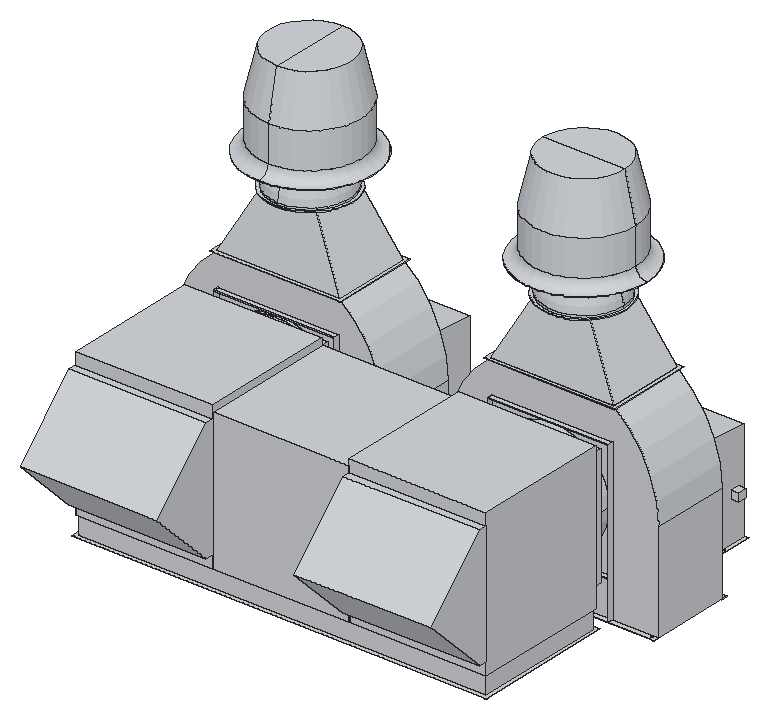
Revit family "Dual_CAVP_with_Mixing_Box", category Mechanical Equipment, Revit 2019 (continued)
Types (228): name | TRANSITION/2 | TRANSITION | RO2/2 | RO/2 | N_B_R+1.5" | MB_P+MB_P+.5 | E/52*30 | E/2-H/2 | E-N-N-H | E-(NOZZLE_RAD/3*2) | DUAL_Q-4.5" | DUAL_Q+.25" | DUAL_Q | R-((B/2)+1.5") | R+((B/2)+1.5") | R*1.1 | R | MB_P-4.5" | MB_P+.25" | P | NOZZLE_WB_RAD-2" | NOZZLE_WB_RAD | NOZZLE_WB_OD | NOZZLE_WB/4 | NOZZLE_TOP_RAD | NOZZLE_TOP_OD | NOZZLE_SIZE | NOZZLE_HEIGHT/7*2 | NOZZLE_HEIGHT | NOZZLE_BOTTOM_RAD-3*2 | NOZZLE_BOTTOM_RAD | NOZZLE_BOTTOM_ID | MB_N-(D-J-K-L) | N+(H/2) | N | MB_Q | MB_P | MB_N | MB_HEIGHT/2 | MB_HEIGHT | MB_F | MB_A | M-(2*(D-L-K-J)) | M | L | K | J+K+L | J | HEIGHT | H/2 | H | F/2 | MB_F-3" | F | E/52*15 | E/2 | E | D-M | D-L-K-J | D | CLASS | C/2 | C | B/4 | B/2 | B | A/2 | A | Type Comments | -MB_P-.25 | -MB_P | -MB_HEIGHT | -(F-((F-H)/2))/2 | -((MB_Q / 2) + 1/8") | (NOZZLE_WB_OD - NOZZLE_TOP_OD) / 4 | (NOZZLE_HEIGHT - (NOZZLE_HEIGHT / 8 * 2)) / 2 | (MB_Q/2)+.125" | (MB_P/2-.125")-((F / 2) - 2") | (MB_P/2-.125")+((F / 2) - 2") | (MB_P/2)+.125" | (M - (2 * (D - L - K - J)))/2 | (F-((F-H)/2))/2 | (E/2)-(E/52*15) | (E/2)-((MB_P/2)+.125") | (E/2)-((B/2)+1.5") | (D-J-K-L)*2 | (B/2)-.125" | (B/2)+1.5" | ((M - (2 * (D - L - K - J))) / 2) + (TRANSITION / 2)
  Dual_445_CAVP-27L_CLASS_1_With_Mixing_Box | 13.54551" | 27.09103" | 87 15/16" | 27 3/4" | 20 21/32" | 120 1/2" | 54.05048" | 21 15/32" | 2" | 34.07292" | 175 7/8" | 180 5/8" | 180 3/8" | 17 25/32" | 70 7/32" | 48.4" | 44" | 55 1/2" | 60 1/4" | 18 1/4" | 28 1/2" | 30 1/2" | 61" | 12.2" | 19 27/32" | 39 11/16" | 27" | 15 5/32" | 60 5/8" | 13 5/32" | 19 5/32" | 38 5/16" | 12 3/16" | 44 27/32" | 19 15/32" | 60" | 60" | 13 9/16" | 34 7/8" | 69 3/4" | 14 1/2" | 186 3/16" | 34 3/4" | 37 1/2" | 39 3/4" | 25 7/8" | 78 5/8" | 13" | 84.91333" | 25 3/8" | 50 3/4" | 26 3/8" | 11 1/2" | 52 3/4" | 27.02524" | 46 27/32" | 93 11/16" | 42 1/2" | 1 3/8" | 80" | 1" | 56 7/16" | 112 7/8" | 12 23/64" | 24 23/32" | 49 7/16" | 95 7/16" | 190 7/8" | "Dual Vari-Plume Laboratory Exhaust Centrifugal Airfoil Class 1 Arr 10 With Mixing Box" | -60 1/4" | -60" | -69 3/4" | -24 3/8" | -30 1/8" | 5 21/64" | 22 47/64" | 30 1/8" | -5 1/2" | -54 1/4" | 30 1/8" | 17 3/8" | 24 3/8" | 19.81851" | 16 23/32" | 20 5/8" | 2 3/4" | 24 19/32" | 26 7/32" | 30.92051"
  Dual_445_CAVP-27H_CLASS_2_With_Mixing_Box | 13.54551" | 27.09103" | 87 15/16" | 27 3/4" | 20 21/32" | 120 1/2" | 54.05048" | 21 15/32" | 2" | 34.07292" | 175 7/8" | 180 5/8" | 180 3/8" | 17 25/32" | 70 7/32" | 48.4" | 44" | 55 1/2" | 60 1/4" | 19 1/2" | 28 1/2" | 30 1/2" | 61" | 12.2" | 19 27/32" | 39 11/16" | 27" | 15 5/32" | 60 5/8" | 13 5/32" | 19 5/32" | 38 5/16" | 12 3/16" | 44 27/32" | 19 15/32" | 60" | 60" | 13 9/16" | 34 7/8" | 69 3/4" | 14 1/2" | 186 3/16" | 34 3/4" | 37 1/2" | 39 3/4" | 25 7/8" | 78 5/8" | 13" | 84.91333" | 25 3/8" | 50 3/4" | 26 3/8" | 11 1/2" | 52 3/4" | 27.02524" | 46 27/32" | 93 11/16" | 42 1/2" | 1 3/8" | 80" | 2" | 56 7/16" | 112 7/8" | 12 23/64" | 24 23/32" | 49 7/16" | 95 7/16" | 190 7/8" | "Dual Vari-Plume Laboratory Exhaust Centrifugal Airfoil Class 2 Arr 10 With Mixing Box" | -60 1/4" | -60" | -69 3/4" | -24 3/8" | -30 1/8" | 5 21/64" | 22 47/64" | 30 1/8" | -5 1/2" | -54 1/4" | 30 1/8" | 17 3/8" | 24 3/8" | 19.81851" | 16 23/32" | 20 5/8" | 2 3/4" | 24 19/32" | 26 7/32" | 30.92051"
  Dual_445_CAVP-27L_CLASS_2_With_Mixing_Box | 13.54551" | 27.09103" | 87 15/16" | 27 3/4" | 20 21/32" | 120 1/2" | 54.05048" | 21 15/32" | 2" | 34.07292" | 175 7/8" | 180 5/8" | 180 3/8" | 17 25/32" | 70 7/32" | 48.4" | 44" | 55 1/2" | 60 1/4" | 19 1/2" | 28 1/2" | 30 1/2" | 61" | 12.2" | 19 27/32" | 39 11/16" | 27" | 15 5/32" | 60 5/8" | 13 5/32" | 19 5/32" | 38 5/16" | 12 3/16" | 44 27/32" | 19 15/32" | 60" | 60" | 13 9/16" | 34 7/8" | 69 3/4" | 14 1/2" | 186 3/16" | 34 3/4" | 37 1/2" | 39 3/4" | 25 7/8" | 78 5/8" | 13" | 84.91333" | 25 3/8" | 50 3/4" | 26 3/8" | 11 1/2" | 52 3/4" | 27.02524" | 46 27/32" | 93 11/16" | 42 1/2" | 1 3/8" | 80" | 2" | 56 7/16" | 112 7/8" | 12 23/64" | 24 23/32" | 49 7/16" | 95 7/16" | 190 7/8" | "Dual Vari-Plume Laboratory Exhaust Centrifugal Airfoil Class 2 Arr 10 With Mixing Box" | -60 1/4" | -60" | -69 3/4" | -24 3/8" | -30 1/8" | 5 21/64" | 22 47/64" | 30 1/8" | -5 1/2" | -54 1/4" | 30 1/8" | 17 3/8" | 24 3/8" | 19.81851" | 16 23/32" | 20 5/8" | 2 3/4" | 24 19/32" | 26 7/32" | 30.92051"
  Dual_490_CAVP-27H_CLASS_1_With_Mixing_Box | 13.54551" | 27.09103" | 96 15/16" | 30 3/4" | 20 21/32" | 132 1/2" | 59.38702" | 22 5/8" | 2" | 38.69792" | 193 7/8" | 198 5/8" | 198 3/8" | 19" | 77" | 52.8" | 48" | 61 1/2" | 66 1/4" | 18 1/2" | 28 1/2" | 30 1/2" | 61" | 12.2" | 19 27/32" | 39 11/16" | 27" | 15 5/32" | 60 5/8" | 13 5/32" | 19 5/32" | 38 5/16" | 12 3/16" | 49 15/32" | 20 5/8" | 66" | 66" | 13 9/16" | 35 3/8" | 70 3/4" | 15 3/4" | 191 7/8" | 38 3/16" | 40 15/16" | 43 3/16" | 21 7/8" | 78 9/16" | 13 1/2" | 92.95281" | 28 27/32" | 57 11/16" | 29 27/32" | 12 3/4" | 59 11/16" | 29.69351" | 51 15/32" | 102 15/16" | 39" | 1 3/8" | 79 15/16" | 1" | 61 17/32" | 123 1/16" | 13 3/4" | 27 1/2" | 55" | 108 29/32" | 217 13/16" | "Dual Vari-Plume Laboratory Exhaust Centrifugal Airfoil Class 1 Arr 10 With Mixing Box" | -66 1/4" | -66" | -70 3/4" | -27 27/32" | -33 1/8" | 5 21/64" | 22 47/64" | 33 1/8" | -5 1/32" | -60 23/32" | 33 1/8" | 19 3/32" | 27 27/32" | 21.77524" | 18 11/32" | 22 15/32" | 2 3/4" | 27 3/8" | 29" | 32.63926"
  Dual_490_CAVP-27L_CLASS_1_With_Mixing_Box | 13.54551" | 27.09103" | 96 15/16" | 30 3/4" | 20 21/32" | 132 1/2" | 59.38702" | 22 5/8" | 2" | 38.69792" | 193 7/8" | 198 5/8" | 198 3/8" | 19" | 77" | 52.8" | 48" | 61 1/2" | 66 1/4" | 18 1/2" | 28 1/2" | 30 1/2" | 61" | 12.2" | 19 27/32" | 39 11/16" | 27" | 15 5/32" | 60 5/8" | 13 5/32" | 19 5/32" | 38 5/16" | 12 3/16" | 49 15/32" | 20 5/8" | 66" | 66" | 13 9/16" | 35 3/8" | 70 3/4" | 15 3/4" | 191 7/8" | 38 3/16" | 40 15/16" | 43 3/16" | 21 7/8" | 78 9/16" | 13 1/2" | 92.95281" | 28 27/32" | 57 11/16" | 29 27/32" | 12 3/4" | 59 11/16" | 29.69351" | 51 15/32" | 102 15/16" | 39" | 1 3/8" | 79 15/16" | 1" | 61 17/32" | 123 1/16" | 13 3/4" | 27 1/2" | 55" | 108 29/32" | 217 13/16" | "Dual Vari-Plume Laboratory Exhaust Centrifugal Airfoil Class 1 Arr 10 With Mixing Box" | -66 1/4" | -66" | -70 3/4" | -27 27/32" | -33 1/8" | 5 21/64" | 22 47/64" | 33 1/8" | -5 1/32" | -60 23/32" | 33 1/8" | 19 3/32" | 27 27/32" | 21.77524" | 18 11/32" | 22 15/32" | 2 3/4" | 27 3/8" | 29" | 32.63926"
  Dual_490_CAVP-27H_CLASS_2_With_Mixing_Box | 13.54551" | 27.09103" | 96 15/16" | 30 3/4" | 20 21/32" | 132 1/2" | 59.38702" | 22 5/8" | 2" | 38.69792" | 193 7/8" | 198 5/8" | 198 3/8" | 19" | 77" | 52.8" | 48" | 61 1/2" | 66 1/4" | 21 7/8" | 28 1/2" | 30 1/2" | 61" | 12.2" | 19 27/32" | 39 11/16" | 27" | 15 5/32" | 60 5/8" | 13 5/32" | 19 5/32" | 38 5/16" | 12 3/16" | 49 15/32" | 20 5/8" | 66" | 66" | 13 9/16" | 35 3/8" | 70 3/4" | 15 3/4" | 195 7/8" | 38 3/16" | 40 15/16" | 43 3/16" | 25 7/8" | 82 9/16" | 13 1/2" | 92.95281" | 28 27/32" | 57 11/16" | 29 27/32" | 12 3/4" | 59 11/16" | 29.69351" | 51 15/32" | 102 15/16" | 43" | 1 3/8" | 83 15/16" | 2" | 61 17/32" | 123 1/16" | 13 3/4" | 27 1/2" | 55" | 108 29/32" | 217 13/16" | "Dual Vari-Plume Laboratory Exhaust Centrifugal Airfoil Class 2 Arr 10 With Mixing Box" | -66 1/4" | -66" | -70 3/4" | -27 27/32" | -33 1/8" | 5 21/64" | 22 47/64" | 33 1/8" | -5 1/32" | -60 23/32" | 33 1/8" | 19 3/32" | 27 27/32" | 21.77524" | 18 11/32" | 22 15/32" | 2 3/4" | 27 3/8" | 29" | 32.63926"
  Dual_490_CAVP-27L_CLASS_2_With_Mixing_Box | 13.54551" | 27.09103" | 96 15/16" | 30 3/4" | 20 21/32" | 132 1/2" | 59.38702" | 22 5/8" | 2" | 38.69792" | 193 7/8" | 198 5/8" | 198 3/8" | 19" | 77" | 52.8" | 48" | 61 1/2" | 66 1/4" | 21 7/8" | 28 1/2" | 30 1/2" | 61" | 12.2" | 19 27/32" | 39 11/16" | 27" | 15 5/32" | 60 5/8" | 13 5/32" | 19 5/32" | 38 5/16" | 12 3/16" | 49 15/32" | 20 5/8" | 66" | 66" | 13 9/16" | 35 3/8" | 70 3/4" | 15 3/4" | 195 7/8" | 38 3/16" | 40 15/16" | 43 3/16" | 25 7/8" | 82 9/16" | 13 1/2" | 92.95281" | 28 27/32" | 57 11/16" | 29 27/32" | 12 3/4" | 59 11/16" | 29.69351" | 51 15/32" | 102 15/16" | 43" | 1 3/8" | 83 15/16" | 2" | 61 17/32" | 123 1/16" | 13 3/4" | 27 1/2" | 55" | 108 29/32" | 217 13/16" | "Dual Vari-Plume Laboratory Exhaust Centrifugal Airfoil Class 2 Arr 10 With Mixing Box" | -66 1/4" | -66" | -70 3/4" | -27 27/32" | -33 1/8" | 5 21/64" | 22 47/64" | 33 1/8" | -5 1/32" | -60 23/32" | 33 1/8" | 19 3/32" | 27 27/32" | 21.77524" | 18 11/32" | 22 15/32" | 2 3/4" | 27 3/8" | 29" | 32.63926"
